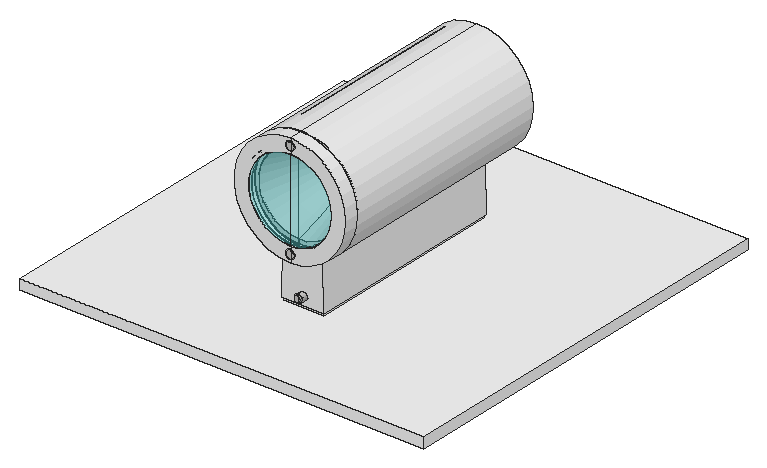
Revit family "BE_66655_de_DE", category Leuchten, Revit 2020
Family settings
  Basisbauteil = Fläche
  Bemaßung runder Anschluss = Durchmesser verwenden
  Teiletyp = Normal
  Beim Laden mit Abzugskörper schneiden = Ja
  Lichtquelle = Ja
  Gemeinsam genutzt = Nein
  Raumberechnungspunkt = Ja
Parameters (values of type "BEGA_66655_Weiß_K4")
  built-in parameter 1150104 = 13.935 (stored number, unit not read)
  Wattage = 7.9 W
  Default Elevation = 0 mm
  built-in parameter 1150113 = 1 (stored number, unit not read)
  built-in parameter 1114218 = 1 (stored number, unit not read)
  Umgebungstemperatur = "25 °C"
  URL = "https://www.bega.com/de/produkt/66655"
  Typenkommentare = "© 2022 BEGA. Wir behalten uns das Recht vor, technische Änderungen ohne vorherige Ankündigung vorzunehmen."  # constant formula
  Type Image = 66655.png
  built-in parameter 1150134 = 12
  built-in parameter 1150109 = 1 (stored number, unit not read)
  Strom = ""
  built-in parameter 1150110 = 1 (stored number, unit not read)
  Spannung = 239.996 V
  Sonderanfertigung = no
  Seriennummer [instance] = "Hier können Sie die eindeutige Seriennummer für das Facility Management eintragen."
  Schutzklasse = "I"
  Schutzart = "IP 65"
  Scheinlast = 0 VA
  Produktdatenblatt = "https://cdn.bega.com/bega/products/66655K4/current/documents/data-sheets/de"
  Oberflächentemperatur = ""
  Neigungswinkel = 0.00°
  Modell = "66655WK4"
  Material_17 = BEGA_Reflektor
  Material_15 = BEGA_Leuchtmedium_matt
  Material_11 = BEGA_Glas_opal
  Material_09 = BEGA_Glas_klar
  Material_06 = BEGA_Oberfläche_Edelstahl_gebürstet
  Material_03 = BEGA_Oberfläche_Weiss_matt
  Material_02 = BEGA_Oberfläche_Silber_matt
  Material_01 [instance] = BEGA_Oberfläche_Grafit_matt
  M_W = yes
  M_G = no
  M_A = no
  Logo = 0
  built-in parameter 1114217 = 1 (stored number, unit not read)
  built-in parameter 1150139 = (empty or 0)
  built-in parameter 1150105 = 94.299 (stored number, unit not read)
  built-in parameter 1150114 = 1 (stored number, unit not read)
  Lumens = 1185 lm
  built-in parameter 1150115 = 1 (stored number, unit not read)
  Leuchtenlichtstrom = "813 lm"
  Leuchtenanzahl = ""
  Lebensdauerkriterien = "L70B50 @ 25 °C = 200000 h"
  Lastklassifizierung = Beleuchtung
  built-in parameter 1150112 = 1 (stored number, unit not read)
  Lampenlichtstrom = "1185 lm"
  Lampe = "LED 7.9 W"
  LED_Modulbezeichnung = "LED-0733/840"
  built-in parameter 1150142 = (empty or 0)
  Hersteller = "BEGA"  # constant formula
  Halbstreuwinkel = ""
  Gewicht = "1.95 kg"
  Gebrauchslageneinschränkung [instance] = ""
  Frequenz = "0/50-60 Hz"
  Farbwiedergabeindex = "CRI > 80"
  Farbtemperaturverschiebung bei Dämpfen der Lampe = <Keine Auswahl>
  Farbtemperatur = "4000 K"
  Color Filter = 16777215
  built-in parameter 1150133 = 10 (stored number, unit not read)
  Energieeffizienzklasse = "LED A++ - A"
  built-in parameter 1150137 = (empty or 0)
  built-in parameter 1150132 = (empty or 0)
  ENEC = "ja"
  Dimmbar [instance] = "DALI"
  Datei für fotometrisches Netz = "BE_66655K4.IES"
  CE_Konformität = "ja"
  Bestellnummer = "66655WK4"
  Beschreibung_Sonderanfertigung = "Hier können Sie Informationen zur Sonderanfertigung eintragen."
  Beschreibung = "Wandleuchte"
  built-in parameter 1150106 = 0.94299 (stored number, unit not read)
  Befestigungsbohrung = "Ø 4,3 mm"
  Befestigungsabstand = "160 x 14 mm"
  Ballwurfsicher = ""
  BEGA_Intern_aus = yes
  BEGA_Intern_an = yes
  BEGA_Intern_Konstruktion = yes
  BEGA_Intern = yes
  BEGA_IES = yes
  BEGA_Dummy = no
  Anschlussleitung = ""
  Anschlussleistung [instance] = "10 W"
  Anschlusskasten = ""
  built-in parameter 1150107 = 4000 (stored number, unit not read)
  built-in parameter 1150102 = (empty or 0)
  built-in parameter 1150138 = (empty or 0)
  Aktualisierung = "2022-05-19T04:00:07"
  Abstand_zur_angestrahlten_Fläche [instance] = ""
  AC/DC = "AC/DC"
Types (6, lengths in mm): name | built-in parameter 1150104 | built-in parameter 1150134 | Modell | M_W | M_G | M_A | built-in parameter 1150105 | Lumens | Leuchtenlichtstrom | Lampenlichtstrom | LED_Modulbezeichnung | Farbtemperatur | Datei für fotometrisches Netz | Bestellnummer | built-in parameter 1150106 | built-in parameter 1150107
  BEGA_66655_Weiß_K4 | 13.935 (stored number, unit not read) | 12 | "66655WK4" | yes | no | no | 94.299 (stored number, unit not read) | 1185 lm | "813 lm" | "1185 lm" | "LED-0733/840" | "4000 K" | "BE_66655K4.IES" | "66655WK4" | 0.94299 (stored number, unit not read) | 4000 (stored number, unit not read)
  BEGA_66655_Grafit_K4 | 13.935 (stored number, unit not read) | 12 | "66655K4" | no | yes | no | 94.299 (stored number, unit not read) | 1185 lm | "813 lm" | "1185 lm" | "LED-0733/840" | "4000 K" | "BE_66655K4.IES" | "66655K4" | 0.94299 (stored number, unit not read) | 4000 (stored number, unit not read)
  BEGA_66655_Silber_K4 | 13.935 (stored number, unit not read) | 12 | "66655AK4" | no | no | yes | 94.299 (stored number, unit not read) | 1185 lm | "813 lm" | "1185 lm" | "LED-0733/840" | "4000 K" | "BE_66655K4.IES" | "66655AK4" | 0.94299 (stored number, unit not read) | 4000 (stored number, unit not read)
  BEGA_66655_Silber_K3 | 13.229 (stored number, unit not read) | (empty or 0) | "66655AK3" | no | no | yes | 89.521 (stored number, unit not read) | 1124.96 lm | "772 lm" | "1125 lm" | "LED-0733/830" | "3000 K" | "BE_66655K3.IES" | "66655AK3" | 0.89521 (stored number, unit not read) | 3000 (stored number, unit not read)
  BEGA_66655_Weiß_K3 | 13.229 (stored number, unit not read) | (empty or 0) | "66655WK3" | yes | no | no | 89.521 (stored number, unit not read) | 1124.96 lm | "772 lm" | "1125 lm" | "LED-0733/830" | "3000 K" | "BE_66655K3.IES" | "66655WK3" | 0.89521 (stored number, unit not read) | 3000 (stored number, unit not read)
  BEGA_66655_Grafit_K3 | 13.229 (stored number, unit not read) | (empty or 0) | "66655K3" | no | yes | no | 89.521 (stored number, unit not read) | 1124.96 lm | "772 lm" | "1125 lm" | "LED-0733/830" | "3000 K" | "BE_66655K3.IES" | "66655K3" | 0.89521 (stored number, unit not read) | 3000 (stored number, unit not read)
Reference planes
  plane 1 "Mitte (Vorne/Hinten)": y = 0
  plane 2: z = 0
  plane 3 "Mitte (Links/Rechts)": x = 0
  plane 4 "Links": x = -55.254
  plane 5 "Rechts": x = 55.254
  plane 6 "Unten": y = -115.5
  plane 7 "Oben": y = 115.5
  plane 8 "Vorne": z = 157.75
  plane 9 "Hinten": z = 0
Forms (mm)
  Extrusion 1, solid, material "BEGA_Platte_Weiss"
    sketch origin (0, -1119.2, 0) x (1, 0, 0) y (0, 1, 0)
      loop
        line (-200, 1319.2) -> (-200, 919.2) -> (200, 919.2) -> (200, 1319.2) -> (-200, 1319.2)
    from 0 to -10
  Extrusion 2, solid, material "BEGA_Dummy_matt", visible <- "BEGA_Dummy"
    sketch origin (80.095, -76.023, 0) x (1, 0, 0) y (0, 1, 0)
      loop
        line (-135.35, 191.523) -> (-135.35, -39.477) -> (-24.841, -39.477) -> (-24.841, 191.523) -> (-135.35, 191.523)
    from 0 to 157.75
Dimensions and locks
  plane 1 "Mitte (Vorne/Hinten)" to Extrusion 1 = 200 mm
  aligned and locked: plane 2 to Extrusion 1
  aligned and locked: level to Extrusion 1
Nested families
  nested 1: "BE_66655" at (0, 0, 0) x (0, 1, 0) z (0, 0, 1), type "BE_66655"
Connectors
  electrical at (0, 0, 0), driven by "Lastklassifizierung", driven by "Spannung", driven by "Scheinlast"
    settings: index 1, voltage 239.996 V, apparent load 0 VA, apparent load phase1 0 VA, apparent load phase2 0 VA, apparent load phase3 0 VA, power factor 1, load classification "Beleuchtung", number of poles 1, system type 31, power factor state 1, is connector primary yes, connector utility no, sub classification motor no, connector description ""
Definition of nested family "BE_66655"
  Parameters (values of type "BE_66655")
    Default Elevation = 1 mm
    URL = "http://www.bega.de/de/produkt"
    Type Comments = "© 2015 BEGA. Wir behalten uns das Recht vor, technische Änderungen ohne vorherige Ankündigung vorzunehmen. "  # constant formula
    Type Image = (empty or 0)
    Material_17 = none
    Material_15 = none
    Material_11 = none
    Material_09 = none
    Material_06 = none
    Material_03 = none
    Material_02 = none
    Material_01 = none
    M_W = yes
    M_G = yes
    M_A = yes
    Länge_Platte = 300 mm  # constant formula
    Höhe_Platte = -10 mm  # constant formula
    Manufacturer = "BEGA"  # constant formula
    Breite_Platte = 200 mm  # constant formula
  Reference planes
    plane 1 "Mitte (Oben/Unten)": y = 0
    plane 2: z = 0
    plane 3 "Mitte (Links/Rechts)": x = 0
    plane 4 "Unten": y = -55.254
    plane 5: x = -115.5
    plane 6: x = 115.5
    plane 7: z = 157.75
    plane 8: y = 55.254
  Forms (mm)
    Extrusion 1, solid, detail levels medium
      sketch origin (0, 0, 0) x (1, 0, 0) y (0, 1, 0)
        loop
          line (-150, 100) -> (-150, -100) -> (150, -100) -> (150, 100) -> (-150, 100)
      from 0 to -10 <- "Höhe_Platte"
    Extrusion 2, solid, material <- "Material_01", visible <- "M_G", detail levels medium+fine
      sketch origin (0, 0, 0) x (0, 1, 0) y (0, 0, 1)
        loop
          line (-20, 48.5) -> (-20.803, 2.5) -> (-13.08, 2.5) -> (-13.221, 47.282)
          arc (-13.221, 47.282) -> (-15.2, 48.652) -> (-17.039, 50.206) r 25
          arc (-17.039, 50.206) -> (-17.509, 50.362) -> (-17.979, 50.521) r 55
          line (-17.979, 50.521) -> (-20, 48.5)
        loop
          line (20, 48.5) -> (17.979, 50.521)
          arc (17.979, 50.521) -> (17.509, 50.362) -> (17.039, 50.206) r 55
          arc (17.039, 50.206) -> (15.2, 48.652) -> (13.221, 47.282) r 25
          line (13.221, 47.282) -> (13.08, 2.5) -> (20.803, 2.5) -> (20, 48.5)
      from -100.001 to 100.024
    Extrusion 3, solid, material <- "Material_01", visible <- "M_G", detail levels medium+fine
      sketch origin (0, 0, 0) x (0, 1, 0) y (0, 0, 1)
        loop
          line (20.803, 2.5) -> (20, 48.5) -> (17.979, 50.521)
          arc (17.979, 50.521) -> (17.509, 50.362) -> (17.039, 50.206) r 55
          arc (17.039, 50.206) -> (9.34, 45.31) -> (0.397, 43.503) r 25
          arc (0.397, 43.503) -> (-8.971, 45.165) -> (-17.039, 50.206) r 25
          arc (-17.039, 50.206) -> (-17.509, 50.362) -> (-17.979, 50.521) r 55
          line (-17.979, 50.521) -> (-20, 48.5) -> (-20.803, 2.5) -> (20.803, 2.5)
      from 93.25 to 100.024
    Extrusion 4, solid, material <- "Material_01", visible <- "M_G", detail levels medium+fine
      sketch origin (0, 0, 0) x (0, 1, 0) y (0, 0, -1)
        loop
          line (20.803, -2.5) -> (-20.803, -2.5) -> (-20, -48.5) -> (-17.979, -50.521)
          arc (-17.979, -50.521) -> (-17.509, -50.362) -> (-17.039, -50.206) r 55
          arc (-17.039, -50.206) -> (-8.971, -45.165) -> (0.397, -43.503) r 25
          arc (0.397, -43.503) -> (9.34, -45.31) -> (17.039, -50.206) r 25
          arc (17.039, -50.206) -> (17.509, -50.362) -> (17.979, -50.521) r 55
          line (17.979, -50.521) -> (20, -48.5) -> (20.803, -2.5)
      from 93.25 to 100.001
    Sweep 5, solid, material <- "Material_01", visible <- "M_G", detail levels medium+fine
      path origin (0, 0, 0) x (1, 0, 0) y (0, 1, 0)
        loop
          line (100.024, -20.803) -> (100.024, 20.803) -> (-100.001, 20.803) -> (-100.001, -20.803) -> (100.024, -20.803)
      profile origin (100.024, 0, 0) x (-1, 0, 0) y (0, 0, 1)
        loop
          line (1.112, 2.5) -> (1.024, 0) -> (7.769, 0)
          arc (7.769, 0) -> (8.117, 5.75) -> (8.45, 11.5) r 2295.912
          line (8.45, 11.5) -> (12.295, 11.5) -> (12.295, 13.5) -> (6.407, 13.5) -> (6.022, 2.5) -> (1.112, 2.5)
    Extrusion 6, solid, material <- "Material_01", visible <- "M_G", detail levels medium+fine
      sketch origin (0, 0, 0) x (1, 0, 0) y (0, 1, 0)
        loop
          line (-87.706, 8.508) -> (-87.706, -8.508) -> (87.729, -8.508) -> (87.729, 8.508) -> (-87.706, 8.508)
      from 11.5 to 13.5
    Revolve 7, solid, material <- "Material_01", visible <- "M_G", detail levels medium+fine
      sketch origin (0, 0, 0) x (1, 0, 0) y (0, 0, 1)
        loop
          line (115.5, 157.5) -> (-101, 157.5) -> (-101, 155.25) -> (-104.543, 155.25) -> (-104.543, 142.724) -> (-101, 142.724) -> (-101, 145.035) -> (-92, 145.035) -> (-82.035, 155) -> (113.5, 155) -> (113.5, 102.5) -> (115.5, 102.5) -> (115.5, 157.5)
        axis (-104.543, 102.5) -> (115.5, 102.5)
      angle from 0 to 360
    Revolve 8, solid, material <- "Material_01", visible <- "M_G", detail levels medium+fine
      sketch origin (0, 0, 0) x (1, 0, 0) y (0, 0, 1)
        loop
          line (-102.5, 157.75) -> (-115.5, 157.75) -> (-115.5, 143.5) -> (-112.937, 143.5) -> (-112.937, 147.501) -> (-104.543, 147.501) -> (-104.543, 155.75) -> (-102.5, 155.75) -> (-102.5, 157.75)
        axis (-102.5, 102.5) -> (-115.5, 102.5)
      angle from 0 to 360
    Revolve 9, solid, material <- "Material_09", detail levels medium+fine
      sketch origin (0, 0, 0) x (1, 0, 0) y (0, 0, 1)
        loop
          line (-105.5, 145.75) -> (-111.25, 145.75) -> (-111.25, 144.2)
          arc (-111.25, 144.2) -> (-111.543, 143.493) -> (-112.25, 143.2) r 1
          line (-112.25, 143.2) -> (-115.5, 143.2) -> (-115.5, 102.5) -> (-105.5, 102.5) -> (-105.5, 145.75)
        axis (-115.5, 102.5) -> (-105.5, 102.5)
      angle from 0 to 360
    Revolve 10, solid, material <- "Material_17", detail levels medium+fine
      sketch origin (0, 0, 0) x (1, 0, 0) y (0, 0, 1)
        loop
          arc (-105.25, 141.49) -> (-79.924, 133.541) -> (-55.596, 122.92) r 246.943
          arc (-55.596, 122.92) -> (-50.393, 119.996) -> (-45.484, 116.601) r 64.148
          line (-45.484, 116.601) -> (-44.906, 110) -> (-44.022, 110) -> (-44.623, 116.869)
          arc (-44.623, 116.869) -> (-49.595, 120.322) -> (-54.871, 123.292) r 64.148
          arc (-54.871, 123.292) -> (-79.017, 133.845) -> (-104.149, 141.765) r 246.943
          line (-104.149, 141.765) -> (-104.149, 145.25) -> (-105.25, 145.25) -> (-105.25, 141.49)
        axis (-44.022, 102.5) -> (-105.25, 102.5)
      angle from 0 to 360
    Revolve 11, solid, material <- "Material_15", detail levels medium+fine
      sketch origin (0, 0, 0) x (1, 0, 0) y (0, 0, 1)
        loop
          line (-41.65, 109.6) -> (-41.65, 102.5) -> (-40.358, 102.5) -> (-40.358, 109.6) -> (-41.65, 109.6)
        axis (-41.65, 102.5) -> (-40.358, 102.5)
      angle from 0 to 360
    Revolve 12, solid, material <- "Material_06", detail levels fine
      sketch origin (0, 0, 0) x (1, 0, 0) y (0, 0, 1)
        loop
          line (-98.664, 14.95) -> (-105.231, 14.95) -> (-105.231, 14) -> (-106.731, 14) -> (-106.731, 11) -> (-98.664, 11) -> (-98.664, 14.95)
        axis (-106.731, 11) -> (-98.664, 11)
      angle from 0 to 360
    Sweep 13, solid, material <- "Material_02", visible <- "M_A", detail levels medium+fine
      path origin (0, 0, 0) x (1, 0, 0) y (0, 1, 0)
        loop
          line (100.024, -20.803) -> (100.024, 20.803) -> (-100.001, 20.803) -> (-100.001, -20.803) -> (100.024, -20.803)
      profile origin (100.024, 0, 0) x (-1, 0, 0) y (0, 0, 1)
        loop
          line (1.112, 2.5) -> (1.024, 0) -> (7.769, 0)
          arc (7.769, 0) -> (8.117, 5.75) -> (8.45, 11.5) r 2295.912
          line (8.45, 11.5) -> (12.295, 11.5) -> (12.295, 13.5) -> (6.407, 13.5) -> (6.022, 2.5) -> (1.112, 2.5)
    Extrusion 14, solid, material <- "Material_02", visible <- "M_A", detail levels medium+fine
      sketch origin (0, 0, 0) x (1, 0, 0) y (0, 1, 0)
        loop
          line (-87.706, 8.508) -> (-87.706, -8.508) -> (87.729, -8.508) -> (87.729, 8.508) -> (-87.706, 8.508)
      from 11.5 to 13.5
    Sweep 15, solid, material <- "Material_03", visible <- "M_W", detail levels medium+fine
      path origin (0, 0, 0) x (1, 0, 0) y (0, 1, 0)
        loop
          line (100.024, -20.803) -> (100.024, 20.803) -> (-100.001, 20.803) -> (-100.001, -20.803) -> (100.024, -20.803)
      profile origin (100.024, 0, 0) x (-1, 0, 0) y (0, 0, 1)
        loop
          line (1.112, 2.5) -> (1.024, 0) -> (7.769, 0)
          arc (7.769, 0) -> (8.117, 5.75) -> (8.45, 11.5) r 2295.912
          line (8.45, 11.5) -> (12.295, 11.5) -> (12.295, 13.5) -> (6.407, 13.5) -> (6.022, 2.5) -> (1.112, 2.5)
    Extrusion 16, solid, material <- "Material_03", visible <- "M_W", detail levels medium+fine
      sketch origin (0, 0, 0) x (1, 0, 0) y (0, 1, 0)
        loop
          line (-87.706, 8.508) -> (-87.706, -8.508) -> (87.729, -8.508) -> (87.729, 8.508) -> (-87.706, 8.508)
      from 11.5 to 13.5
    Extrusion 17, solid, material <- "Material_02", visible <- "M_A", detail levels medium+fine
      sketch origin (0, 0, 0) x (0, 1, 0) y (0, 0, 1)
        loop
          line (-20, 48.5) -> (-20.803, 2.5) -> (-13.08, 2.5) -> (-13.221, 47.282)
          arc (-13.221, 47.282) -> (-15.2, 48.652) -> (-17.039, 50.206) r 25
          arc (-17.039, 50.206) -> (-17.509, 50.362) -> (-17.979, 50.521) r 55
          line (-17.979, 50.521) -> (-20, 48.5)
        loop
          line (20, 48.5) -> (17.979, 50.521)
          arc (17.979, 50.521) -> (17.509, 50.362) -> (17.039, 50.206) r 55
          arc (17.039, 50.206) -> (15.2, 48.652) -> (13.221, 47.282) r 25
          line (13.221, 47.282) -> (13.08, 2.5) -> (20.803, 2.5) -> (20, 48.5)
      from -100.001 to 100.024
    Extrusion 18, solid, material <- "Material_02", visible <- "M_A", detail levels medium+fine
      sketch origin (0, 0, 0) x (0, 1, 0) y (0, 0, 1)
        loop
          line (20.803, 2.5) -> (20, 48.5) -> (17.979, 50.521)
          arc (17.979, 50.521) -> (17.509, 50.362) -> (17.039, 50.206) r 55
          arc (17.039, 50.206) -> (9.34, 45.31) -> (0.397, 43.503) r 25
          arc (0.397, 43.503) -> (-8.971, 45.165) -> (-17.039, 50.206) r 25
          arc (-17.039, 50.206) -> (-17.509, 50.362) -> (-17.979, 50.521) r 55
          line (-17.979, 50.521) -> (-20, 48.5) -> (-20.803, 2.5) -> (20.803, 2.5)
      from 93.25 to 100.024
    Extrusion 19, solid, material <- "Material_02", visible <- "M_A", detail levels medium+fine
      sketch origin (0, 0, 0) x (0, 1, 0) y (0, 0, -1)
        loop
          line (20.803, -2.5) -> (-20.803, -2.5) -> (-20, -48.5) -> (-17.979, -50.521)
          arc (-17.979, -50.521) -> (-17.509, -50.362) -> (-17.039, -50.206) r 55
          arc (-17.039, -50.206) -> (-8.971, -45.165) -> (0.397, -43.503) r 25
          arc (0.397, -43.503) -> (9.34, -45.31) -> (17.039, -50.206) r 25
          arc (17.039, -50.206) -> (17.509, -50.362) -> (17.979, -50.521) r 55
          line (17.979, -50.521) -> (20, -48.5) -> (20.803, -2.5)
      from 93.25 to 100.001
    Extrusion 20, solid, material <- "Material_03", visible <- "M_W", detail levels medium+fine
      sketch origin (0, 0, 0) x (0, 1, 0) y (0, 0, 1)
        loop
          line (-20, 48.5) -> (-20.803, 2.5) -> (-13.08, 2.5) -> (-13.221, 47.282)
          arc (-13.221, 47.282) -> (-15.2, 48.652) -> (-17.039, 50.206) r 25
          arc (-17.039, 50.206) -> (-17.509, 50.362) -> (-17.979, 50.521) r 55
          line (-17.979, 50.521) -> (-20, 48.5)
        loop
          line (20, 48.5) -> (17.979, 50.521)
          arc (17.979, 50.521) -> (17.509, 50.362) -> (17.039, 50.206) r 55
          arc (17.039, 50.206) -> (15.2, 48.652) -> (13.221, 47.282) r 25
          line (13.221, 47.282) -> (13.08, 2.5) -> (20.803, 2.5) -> (20, 48.5)
      from -100.001 to 100.024
    Extrusion 21, solid, material <- "Material_03", visible <- "M_W", detail levels medium+fine
      sketch origin (0, 0, 0) x (0, 1, 0) y (0, 0, 1)
        loop
          line (20.803, 2.5) -> (20, 48.5) -> (17.979, 50.521)
          arc (17.979, 50.521) -> (17.509, 50.362) -> (17.039, 50.206) r 55
          arc (17.039, 50.206) -> (9.34, 45.31) -> (0.397, 43.503) r 25
          arc (0.397, 43.503) -> (-8.971, 45.165) -> (-17.039, 50.206) r 25
          arc (-17.039, 50.206) -> (-17.509, 50.362) -> (-17.979, 50.521) r 55
          line (-17.979, 50.521) -> (-20, 48.5) -> (-20.803, 2.5) -> (20.803, 2.5)
      from 93.25 to 100.024
    Extrusion 22, solid, material <- "Material_03", visible <- "M_W", detail levels medium+fine
      sketch origin (0, 0, 0) x (0, 1, 0) y (0, 0, -1)
        loop
          line (20.803, -2.5) -> (-20.803, -2.5) -> (-20, -48.5) -> (-17.979, -50.521)
          arc (-17.979, -50.521) -> (-17.509, -50.362) -> (-17.039, -50.206) r 55
          arc (-17.039, -50.206) -> (-8.971, -45.165) -> (0.397, -43.503) r 25
          arc (0.397, -43.503) -> (9.34, -45.31) -> (17.039, -50.206) r 25
          arc (17.039, -50.206) -> (17.509, -50.362) -> (17.979, -50.521) r 55
          line (17.979, -50.521) -> (20, -48.5) -> (20.803, -2.5)
      from 93.25 to 100.001
    Revolve 23, solid, material <- "Material_02", visible <- "M_A", detail levels medium+fine
      sketch origin (0, 0, 0) x (1, 0, 0) y (0, 0, 1)
        loop
          line (115.5, 157.5) -> (-101, 157.5) -> (-101, 155.25) -> (-104.543, 155.25) -> (-104.543, 142.724) -> (-101, 142.724) -> (-101, 145.035) -> (-92, 145.035) -> (-82.035, 155) -> (113.5, 155) -> (113.5, 102.5) -> (115.5, 102.5) -> (115.5, 157.5)
        axis (-104.543, 102.5) -> (115.5, 102.5)
      angle from 0 to 360
    Revolve 24, solid, material <- "Material_02", visible <- "M_A", detail levels medium+fine
      sketch origin (0, 0, 0) x (1, 0, 0) y (0, 0, 1)
        loop
          line (-102.5, 157.75) -> (-115.5, 157.75) -> (-115.5, 143.5) -> (-112.937, 143.5) -> (-112.937, 147.501) -> (-104.543, 147.501) -> (-104.543, 155.75) -> (-102.5, 155.75) -> (-102.5, 157.75)
        axis (-102.5, 102.5) -> (-115.5, 102.5)
      angle from 0 to 360
    Revolve 25, solid, material <- "Material_03", visible <- "M_W", detail levels medium+fine
      sketch origin (0, 0, 0) x (1, 0, 0) y (0, 0, 1)
        loop
          line (115.5, 157.5) -> (-101, 157.5) -> (-101, 155.25) -> (-104.543, 155.25) -> (-104.543, 142.724) -> (-101, 142.724) -> (-101, 145.035) -> (-92, 145.035) -> (-82.035, 155) -> (113.5, 155) -> (113.5, 102.5) -> (115.5, 102.5) -> (115.5, 157.5)
        axis (-104.543, 102.5) -> (115.5, 102.5)
      angle from 0 to 360
    Revolve 26, solid, material <- "Material_03", visible <- "M_W", detail levels medium+fine
      sketch origin (0, 0, 0) x (1, 0, 0) y (0, 0, 1)
        loop
          line (-102.5, 157.75) -> (-115.5, 157.75) -> (-115.5, 143.5) -> (-112.937, 143.5) -> (-112.937, 147.501) -> (-104.543, 147.501) -> (-104.543, 155.75) -> (-102.5, 155.75) -> (-102.5, 157.75)
        axis (-102.5, 102.5) -> (-115.5, 102.5)
      angle from 0 to 360
    Revolve 27, void
      sketch origin (0, 0, 0) x (1, 0, 0) y (0, 0, 1)
        loop
          line (-113.129, 152.704) -> (-115.728, 155.303) -> (-115.728, 150.5) -> (-113.129, 150.5) -> (-113.129, 152.704)
        axis (-115.728, 150.5) -> (-113.129, 150.5)
      angle from 0 to 360
    Revolve 28, void
      sketch origin (0, 0, 205) x (1, 0, 0) y (0, 0, -1)
        loop
          line (-113.129, 152.704) -> (-115.728, 155.303) -> (-115.728, 150.5) -> (-113.129, 150.5) -> (-113.129, 152.704)
        axis (-115.728, 150.5) -> (-113.129, 150.5)
      angle from 0 to 360
    Revolve 29, solid, material <- "Material_06", detail levels fine
      sketch origin (0, 0, 0) x (1, 0, 0) y (0, 0, 1)
        loop
          line (-115.5, 154.505) -> (-115.5, 150.5) -> (-114.643, 150.5) -> (-114.643, 154.505) -> (-115.5, 154.505)
        axis (-115.5, 150.5) -> (-114.5, 150.5)
      angle from 0 to 360
    Revolve 30, solid, material <- "Material_06", detail levels fine
      sketch origin (0, 0, 205) x (1, 0, 0) y (0, 0, -1)
        loop
          line (-115.5, 154.505) -> (-115.5, 150.5) -> (-114.643, 150.5) -> (-114.643, 154.505) -> (-115.5, 154.505)
        axis (-115.5, 150.5) -> (-114.5, 150.5)
      angle from 0 to 360
    Extrusion 31, void
      sketch origin (0, 0, 0) x (1, 0, 0) y (0, 1, 0)
        loop
          circle (-80, 7) r 2.65
        loop
          circle (80, -7) r 2.65
        loop
          circle (24, 0) r 8.5
        loop
          circle (57, 0) r 8.5
      from 0 to 17
  Cuts and joins
    joined: Extrusion 2, Extrusion 3, Extrusion 4
    Extrusion 31 cuts Sweep 5
    Extrusion 31 cuts Extrusion 6
    joined: Sweep 5, Extrusion 6
    Extrusion 31 cuts Sweep 13
    Extrusion 31 cuts Extrusion 14
    joined: Sweep 13, Extrusion 14
    Extrusion 31 cuts Sweep 15
    Extrusion 31 cuts Extrusion 16
    joined: Sweep 15, Extrusion 16
    joined: Extrusion 17, Extrusion 18, Extrusion 19
    joined: Extrusion 20, Extrusion 21, Extrusion 22
    Revolve 27, Revolve 28 cuts Revolve 8
    Revolve 27, Revolve 28 cuts Revolve 24
    Revolve 27, Revolve 28 cuts Revolve 26
    Extrusion 31 cuts Revolve 7
    Extrusion 31 cuts Revolve 10
    Extrusion 31 cuts Revolve 23
    Extrusion 31 cuts Revolve 25
  Dimensions and locks
    equal spacing: Extrusion 1 sketch curve, plane 3 "Mitte (Links/Rechts)", Extrusion 1 sketch curve
    equal spacing: Extrusion 1 sketch curve, plane 1 "Mitte (Oben/Unten)", Extrusion 1 sketch curve
    "Länge_Platte": Extrusion 1 sketch curve to Extrusion 1 sketch curve
    "Breite_Platte": Extrusion 1 sketch curve to Extrusion 1 sketch curve
    aligned and locked: Extrusion 1 to plane 2
    aligned and locked: level to Extrusion 1
  Automatic sketch dimensions
    Extrusion 2 sketch curve to Extrusion 2 sketch curve = 0 mm  (x5)
    Extrusion 2 sketch curve to plane 1 "Mitte (Oben/Unten)" = 0 mm  (x2)
    level to Extrusion 2 sketch curve = 2.5 mm  (x2)
    plane 1 "Mitte (Oben/Unten)" to Extrusion 2 sketch curve = 13.08 mm
    plane 1 "Mitte (Oben/Unten)" to Extrusion 2 sketch curve = 13.221 mm
    Extrusion 2 sketch curve to Extrusion 2 sketch curve = 4.758 mm  (x2)
    Extrusion 2 sketch curve to Extrusion 2 sketch curve = 2.021 mm  (x4)
    Extrusion 2 sketch curve to Extrusion 2 sketch curve = 7.723 mm  (x2)
    Extrusion 2 sketch curve to plane 1 "Mitte (Oben/Unten)" = 13.08 mm
    Extrusion 2 sketch curve to plane 1 "Mitte (Oben/Unten)" = 13.221 mm
    Extrusion 2 sketch curve to Extrusion 2 sketch curve = 44.782 mm
    Extrusion 2 sketch curve to Extrusion 2 sketch curve = 1.218 mm  (x2)
    Extrusion 2 sketch curve to Extrusion 2 sketch curve = 21.218 mm
    Extrusion 2 sketch curve to Extrusion 2 sketch curve = 34 mm
    Extrusion 3 sketch curve to Extrusion 3 sketch curve = 0 mm  (x5)
    Extrusion 3 sketch curve to plane 1 "Mitte (Oben/Unten)" = 0 mm  (x2)
    plane 1 "Mitte (Oben/Unten)" to Extrusion 3 sketch curve = 17.979 mm
    Extrusion 3 sketch curve to Extrusion 3 sketch curve = 2.021 mm  (x4)
    level to Extrusion 3 sketch curve = 2.5 mm
    plane 1 "Mitte (Oben/Unten)" to Extrusion 3 sketch curve = 20.803 mm
    Extrusion 3 sketch curve to plane 1 "Mitte (Oben/Unten)" = 17.979 mm
    Extrusion 3 sketch curve to plane 1 "Mitte (Oben/Unten)" = 20.803 mm
    Extrusion 3 sketch curve to Extrusion 3 sketch curve = 46 mm
    Extrusion 3 sketch curve to Extrusion 3 sketch curve = 17.979 mm
    Extrusion 3 sketch curve to Extrusion 3 sketch curve = 34 mm
    Extrusion 3 sketch curve to Extrusion 3 sketch curve = 0.94 mm
    Extrusion 3 sketch curve to plane 1 "Mitte (Oben/Unten)" = 0.397 mm
    Extrusion 4 sketch curve to Extrusion 4 sketch curve = 0 mm  (x5)
    Extrusion 4 sketch curve to plane 1 "Mitte (Oben/Unten)" = 0 mm  (x2)
    plane 1 "Mitte (Oben/Unten)" to Extrusion 4 sketch curve = 17.979 mm
    Extrusion 4 sketch curve to Extrusion 4 sketch curve = 2.021 mm  (x4)
    level to Extrusion 4 sketch curve = 2.5 mm
    plane 1 "Mitte (Oben/Unten)" to Extrusion 4 sketch curve = 20.803 mm
    Extrusion 4 sketch curve to plane 1 "Mitte (Oben/Unten)" = 17.979 mm
    Extrusion 4 sketch curve to plane 1 "Mitte (Oben/Unten)" = 20.803 mm
    Extrusion 4 sketch curve to Extrusion 4 sketch curve = 46 mm
    Extrusion 4 sketch curve to Extrusion 4 sketch curve = 17.979 mm
    Extrusion 4 sketch curve to Extrusion 4 sketch curve = 34 mm
    Extrusion 4 sketch curve to Extrusion 4 sketch curve = 0.94 mm
    Extrusion 4 sketch curve to plane 1 "Mitte (Oben/Unten)" = 0.397 mm
    Sweep 5 sketch curve to plane 1 "Mitte (Oben/Unten)" = 20.803 mm
    plane 1 "Mitte (Oben/Unten)" to Sweep 5 sketch curve = 20.803 mm
    Sweep 5 sketch curve to level = 0 mm
    level to Sweep 5 sketch curve = 141.39 mm
    profile plane to Sweep 5 sketch curve = 2283.785 mm
    Sweep 5 sketch curve to profile plane = 1.024 mm
    Sweep 5 sketch curve to profile plane = 1.112 mm
    level to Sweep 5 sketch curve = 2.5 mm
    Sweep 5 sketch curve to Sweep 5 sketch curve = 4.911 mm
    Sweep 5 sketch curve to profile plane = 6.407 mm
    Sweep 5 sketch curve to Sweep 5 sketch curve = 1.747 mm
    Sweep 5 sketch curve to Sweep 5 sketch curve = 2.043 mm
    Sweep 5 sketch curve to Sweep 5 sketch curve = 3.845 mm
    Sweep 5 sketch curve to Sweep 5 sketch curve = 2 mm
    plane 1 "Mitte (Oben/Unten)" to Extrusion 6 sketch curve = 8.508 mm
    Extrusion 6 sketch curve to plane 3 "Mitte (Links/Rechts)" = 87.706 mm
    plane 3 "Mitte (Links/Rechts)" to Extrusion 6 sketch curve = 87.729 mm
    Extrusion 6 sketch curve to plane 1 "Mitte (Oben/Unten)" = 8.508 mm
    Revolve 7 sketch curve to plane 3 "Mitte (Links/Rechts)" = 0 mm
    Revolve 7 sketch curve to plane 3 "Mitte (Links/Rechts)" = 82.035 mm
    Revolve 7 sketch curve to Revolve 7 sketch curve = 9.965 mm  (x2)
    Revolve 7 sketch curve to Revolve 7 sketch curve = 9 mm  (x2)
    Revolve 7 sketch curve to Revolve 7 sketch curve = 3.543 mm
    Revolve 7 sketch curve to Revolve 7 sketch curve = 2 mm
    Revolve 7 sketch curve to Revolve 7 sketch curve = 2.311 mm
    Revolve 7 sketch curve to Revolve 7 sketch curve = 10.215 mm
    Revolve 7 sketch curve to Revolve 7 sketch curve = 2.5 mm
    plane 3 "Mitte (Links/Rechts)" to Revolve 7 sketch curve = 30 mm
    Revolve 7 sketch curve to Revolve 7 sketch curve = 52.5 mm
    Revolve 8 sketch curve to Revolve 8 sketch curve = 2.563 mm
    Revolve 8 sketch curve to Revolve 8 sketch curve = 10.957 mm
    Revolve 8 sketch curve to Revolve 8 sketch curve = 2.043 mm
    Revolve 8 sketch curve to Revolve 8 sketch curve = 4.001 mm
    Revolve 8 sketch curve to Revolve 8 sketch curve = 8.249 mm
    Revolve 8 sketch curve to Revolve 8 sketch curve = 10.249 mm
    Revolve 8 sketch curve to Revolve 8 sketch curve = 1.576 mm
    Revolve 8 sketch curve to Revolve 8 sketch curve = 22.907 mm
    Revolve 8 sketch curve to Revolve 8 sketch curve = 41 mm
    Revolve 9 sketch curve to Revolve 9 sketch curve = 3.25 mm
    Revolve 9 sketch curve to Revolve 9 sketch curve = 1 mm
    Revolve 9 sketch curve to Revolve 9 sketch curve = 10 mm
    Revolve 9 sketch curve to Revolve 9 sketch curve = 40.7 mm
    Revolve 9 sketch curve to Revolve 9 sketch curve = 1.55 mm
    Revolve 9 sketch curve to Revolve 9 sketch curve = 0 mm  (x3)
    Revolve 10 sketch curve to Revolve 10 sketch curve = 0.725 mm  (x2)
    Revolve 10 sketch curve to Revolve 10 sketch curve = 1.101 mm
    Revolve 10 sketch curve to Revolve 10 sketch curve = 19.763 mm
    Revolve 10 sketch curve to plane 3 "Mitte (Links/Rechts)" = 45.484 mm
    Revolve 10 sketch curve to Revolve 10 sketch curve = 0.577 mm
    Revolve 10 sketch curve to Revolve 10 sketch curve = 0.861 mm
    Revolve 10 sketch curve to Revolve 10 sketch curve = 0.884 mm
    Revolve 10 sketch curve to Revolve 10 sketch curve = 0.371 mm  (x2)
    level to Revolve 10 sketch curve = 65.596 mm
    Revolve 10 sketch curve to Revolve 10 sketch curve = 44.033 mm
    Revolve 10 sketch curve to Revolve 10 sketch curve = 6.601 mm
    Revolve 10 sketch curve to Revolve 10 sketch curve = 0.268 mm
    Revolve 10 sketch curve to Revolve 10 sketch curve = 18.57 mm
    Revolve 10 sketch curve to Revolve 10 sketch curve = 0.275 mm
    Revolve 10 sketch curve to Revolve 10 sketch curve = 3.485 mm
    Revolve 10 sketch curve to Revolve 10 sketch curve = 13.637 mm
    Revolve 10 sketch curve to Revolve 10 sketch curve = 1.812 mm
    Revolve 10 sketch curve to Revolve 10 sketch curve = 38.99 mm
    Revolve 11 sketch curve to plane 3 "Mitte (Links/Rechts)" = 41.65 mm
    Revolve 11 sketch curve to Revolve 11 sketch curve = 1.292 mm
    Revolve 11 sketch curve to Revolve 11 sketch curve = 7.1 mm
    Revolve 11 sketch curve to Revolve 11 sketch curve = 0 mm  (x2)
    Revolve 11 sketch curve to Revolve 11 sketch curve = 0.882 mm
    level to Revolve 12 sketch curve = 14 mm
    Revolve 12 sketch curve to Revolve 12 sketch curve = 1.5 mm
    Revolve 12 sketch curve to Revolve 12 sketch curve = 6.567 mm
    Revolve 12 sketch curve to Revolve 12 sketch curve = 3 mm
    Revolve 12 sketch curve to Revolve 12 sketch curve = 0.95 mm
    Revolve 12 sketch curve to Revolve 12 sketch curve = 0 mm  (x3)
    Sweep 13 sketch curve to plane 1 "Mitte (Oben/Unten)" = 20.803 mm
    plane 1 "Mitte (Oben/Unten)" to Sweep 13 sketch curve = 20.803 mm
    Sweep 13 sketch curve to level = 0 mm
    level to Sweep 13 sketch curve = 141.39 mm
    profile plane to Sweep 13 sketch curve = 2283.785 mm
    Sweep 13 sketch curve to profile plane = 1.024 mm
    Sweep 13 sketch curve to profile plane = 1.112 mm
    level to Sweep 13 sketch curve = 2.5 mm
    Sweep 13 sketch curve to Sweep 13 sketch curve = 4.911 mm
    Sweep 13 sketch curve to profile plane = 6.407 mm
    Sweep 13 sketch curve to Sweep 13 sketch curve = 1.747 mm
    Sweep 13 sketch curve to Sweep 13 sketch curve = 2.043 mm
    Sweep 13 sketch curve to Sweep 13 sketch curve = 3.845 mm
    Sweep 13 sketch curve to Sweep 13 sketch curve = 2 mm
    plane 1 "Mitte (Oben/Unten)" to Extrusion 14 sketch curve = 8.508 mm
    Extrusion 14 sketch curve to plane 3 "Mitte (Links/Rechts)" = 87.706 mm
    plane 3 "Mitte (Links/Rechts)" to Extrusion 14 sketch curve = 87.729 mm
    Extrusion 14 sketch curve to plane 1 "Mitte (Oben/Unten)" = 8.508 mm
    Sweep 15 sketch curve to plane 1 "Mitte (Oben/Unten)" = 20.803 mm
    plane 1 "Mitte (Oben/Unten)" to Sweep 15 sketch curve = 20.803 mm
    Sweep 15 sketch curve to level = 0 mm
    level to Sweep 15 sketch curve = 141.39 mm
    profile plane to Sweep 15 sketch curve = 2283.785 mm
    Sweep 15 sketch curve to profile plane = 1.024 mm
    Sweep 15 sketch curve to profile plane = 1.112 mm
    level to Sweep 15 sketch curve = 2.5 mm
    Sweep 15 sketch curve to Sweep 15 sketch curve = 4.911 mm
    Sweep 15 sketch curve to profile plane = 6.407 mm
    Sweep 15 sketch curve to Sweep 15 sketch curve = 1.747 mm
    Sweep 15 sketch curve to Sweep 15 sketch curve = 2.043 mm
    Sweep 15 sketch curve to Sweep 15 sketch curve = 3.845 mm
    Sweep 15 sketch curve to Sweep 15 sketch curve = 2 mm
    plane 1 "Mitte (Oben/Unten)" to Extrusion 16 sketch curve = 8.508 mm
    Extrusion 16 sketch curve to plane 3 "Mitte (Links/Rechts)" = 87.706 mm
    plane 3 "Mitte (Links/Rechts)" to Extrusion 16 sketch curve = 87.729 mm
    Extrusion 16 sketch curve to plane 1 "Mitte (Oben/Unten)" = 8.508 mm
    Extrusion 17 sketch curve to Extrusion 17 sketch curve = 0 mm  (x5)
    Extrusion 17 sketch curve to plane 1 "Mitte (Oben/Unten)" = 0 mm  (x2)
    level to Extrusion 17 sketch curve = 2.5 mm  (x2)
    plane 1 "Mitte (Oben/Unten)" to Extrusion 17 sketch curve = 13.08 mm
    plane 1 "Mitte (Oben/Unten)" to Extrusion 17 sketch curve = 13.221 mm
    Extrusion 17 sketch curve to Extrusion 17 sketch curve = 4.758 mm  (x2)
    Extrusion 17 sketch curve to Extrusion 17 sketch curve = 2.021 mm  (x4)
    Extrusion 17 sketch curve to Extrusion 17 sketch curve = 7.723 mm  (x2)
    Extrusion 17 sketch curve to plane 1 "Mitte (Oben/Unten)" = 13.08 mm
    Extrusion 17 sketch curve to plane 1 "Mitte (Oben/Unten)" = 13.221 mm
    Extrusion 17 sketch curve to Extrusion 17 sketch curve = 44.782 mm
    Extrusion 17 sketch curve to Extrusion 17 sketch curve = 1.218 mm  (x2)
    Extrusion 17 sketch curve to Extrusion 17 sketch curve = 21.218 mm
    Extrusion 17 sketch curve to Extrusion 17 sketch curve = 34 mm
    Extrusion 18 sketch curve to Extrusion 18 sketch curve = 0 mm  (x5)
    Extrusion 18 sketch curve to plane 1 "Mitte (Oben/Unten)" = 0 mm  (x2)
    plane 1 "Mitte (Oben/Unten)" to Extrusion 18 sketch curve = 17.979 mm
    Extrusion 18 sketch curve to Extrusion 18 sketch curve = 2.021 mm  (x4)
    level to Extrusion 18 sketch curve = 2.5 mm
    plane 1 "Mitte (Oben/Unten)" to Extrusion 18 sketch curve = 20.803 mm
    Extrusion 18 sketch curve to plane 1 "Mitte (Oben/Unten)" = 17.979 mm
    Extrusion 18 sketch curve to plane 1 "Mitte (Oben/Unten)" = 20.803 mm
    Extrusion 18 sketch curve to Extrusion 18 sketch curve = 46 mm
    Extrusion 18 sketch curve to Extrusion 18 sketch curve = 17.979 mm
    Extrusion 18 sketch curve to Extrusion 18 sketch curve = 34 mm
    Extrusion 18 sketch curve to Extrusion 18 sketch curve = 0.94 mm
    Extrusion 18 sketch curve to plane 1 "Mitte (Oben/Unten)" = 0.397 mm
    Extrusion 19 sketch curve to Extrusion 19 sketch curve = 0 mm  (x5)
    Extrusion 19 sketch curve to plane 1 "Mitte (Oben/Unten)" = 0 mm  (x2)
    plane 1 "Mitte (Oben/Unten)" to Extrusion 19 sketch curve = 17.979 mm
    Extrusion 19 sketch curve to Extrusion 19 sketch curve = 2.021 mm  (x4)
    level to Extrusion 19 sketch curve = 2.5 mm
    plane 1 "Mitte (Oben/Unten)" to Extrusion 19 sketch curve = 20.803 mm
    Extrusion 19 sketch curve to plane 1 "Mitte (Oben/Unten)" = 17.979 mm
    Extrusion 19 sketch curve to plane 1 "Mitte (Oben/Unten)" = 20.803 mm
    Extrusion 19 sketch curve to Extrusion 19 sketch curve = 46 mm
    Extrusion 19 sketch curve to Extrusion 19 sketch curve = 17.979 mm
    Extrusion 19 sketch curve to Extrusion 19 sketch curve = 34 mm
    Extrusion 19 sketch curve to Extrusion 19 sketch curve = 0.94 mm
    Extrusion 19 sketch curve to plane 1 "Mitte (Oben/Unten)" = 0.397 mm
    Extrusion 20 sketch curve to Extrusion 20 sketch curve = 0 mm  (x5)
    Extrusion 20 sketch curve to plane 1 "Mitte (Oben/Unten)" = 0 mm  (x2)
    level to Extrusion 20 sketch curve = 2.5 mm  (x2)
    plane 1 "Mitte (Oben/Unten)" to Extrusion 20 sketch curve = 13.08 mm
    plane 1 "Mitte (Oben/Unten)" to Extrusion 20 sketch curve = 13.221 mm
    Extrusion 20 sketch curve to Extrusion 20 sketch curve = 4.758 mm  (x2)
    Extrusion 20 sketch curve to Extrusion 20 sketch curve = 2.021 mm  (x4)
    Extrusion 20 sketch curve to Extrusion 20 sketch curve = 7.723 mm  (x2)
    Extrusion 20 sketch curve to plane 1 "Mitte (Oben/Unten)" = 13.08 mm
    Extrusion 20 sketch curve to plane 1 "Mitte (Oben/Unten)" = 13.221 mm
    Extrusion 20 sketch curve to Extrusion 20 sketch curve = 44.782 mm
    Extrusion 20 sketch curve to Extrusion 20 sketch curve = 1.218 mm  (x2)
    Extrusion 20 sketch curve to Extrusion 20 sketch curve = 21.218 mm
    Extrusion 20 sketch curve to Extrusion 20 sketch curve = 34 mm
    Extrusion 21 sketch curve to Extrusion 21 sketch curve = 0 mm  (x5)
    Extrusion 21 sketch curve to plane 1 "Mitte (Oben/Unten)" = 0 mm  (x2)
    plane 1 "Mitte (Oben/Unten)" to Extrusion 21 sketch curve = 17.979 mm
    Extrusion 21 sketch curve to Extrusion 21 sketch curve = 2.021 mm  (x4)
    level to Extrusion 21 sketch curve = 2.5 mm
    plane 1 "Mitte (Oben/Unten)" to Extrusion 21 sketch curve = 20.803 mm
    Extrusion 21 sketch curve to plane 1 "Mitte (Oben/Unten)" = 17.979 mm
    Extrusion 21 sketch curve to plane 1 "Mitte (Oben/Unten)" = 20.803 mm
    Extrusion 21 sketch curve to Extrusion 21 sketch curve = 46 mm
    Extrusion 21 sketch curve to Extrusion 21 sketch curve = 17.979 mm
    Extrusion 21 sketch curve to Extrusion 21 sketch curve = 34 mm
    Extrusion 21 sketch curve to Extrusion 21 sketch curve = 0.94 mm
    Extrusion 21 sketch curve to plane 1 "Mitte (Oben/Unten)" = 0.397 mm
    Extrusion 22 sketch curve to Extrusion 22 sketch curve = 0 mm  (x5)
    Extrusion 22 sketch curve to plane 1 "Mitte (Oben/Unten)" = 0 mm  (x2)
    plane 1 "Mitte (Oben/Unten)" to Extrusion 22 sketch curve = 17.979 mm
    Extrusion 22 sketch curve to Extrusion 22 sketch curve = 2.021 mm  (x4)
    level to Extrusion 22 sketch curve = 2.5 mm
    plane 1 "Mitte (Oben/Unten)" to Extrusion 22 sketch curve = 20.803 mm
    Extrusion 22 sketch curve to plane 1 "Mitte (Oben/Unten)" = 17.979 mm
    Extrusion 22 sketch curve to plane 1 "Mitte (Oben/Unten)" = 20.803 mm
    Extrusion 22 sketch curve to Extrusion 22 sketch curve = 46 mm
    Extrusion 22 sketch curve to Extrusion 22 sketch curve = 17.979 mm
    Extrusion 22 sketch curve to Extrusion 22 sketch curve = 34 mm
    Extrusion 22 sketch curve to Extrusion 22 sketch curve = 0.94 mm
    Extrusion 22 sketch curve to plane 1 "Mitte (Oben/Unten)" = 0.397 mm
    Revolve 23 sketch curve to plane 3 "Mitte (Links/Rechts)" = 0 mm
    Revolve 23 sketch curve to plane 3 "Mitte (Links/Rechts)" = 82.035 mm
    Revolve 23 sketch curve to Revolve 23 sketch curve = 9.965 mm  (x2)
    Revolve 23 sketch curve to Revolve 23 sketch curve = 9 mm  (x2)
    Revolve 23 sketch curve to Revolve 23 sketch curve = 3.543 mm
    Revolve 23 sketch curve to Revolve 23 sketch curve = 2 mm
    Revolve 23 sketch curve to Revolve 23 sketch curve = 2.311 mm
    Revolve 23 sketch curve to Revolve 23 sketch curve = 10.215 mm
    Revolve 23 sketch curve to Revolve 23 sketch curve = 2.5 mm
    plane 3 "Mitte (Links/Rechts)" to Revolve 23 sketch curve = 30 mm
    Revolve 23 sketch curve to Revolve 23 sketch curve = 52.5 mm
    Revolve 24 sketch curve to Revolve 24 sketch curve = 2.563 mm
    Revolve 24 sketch curve to Revolve 24 sketch curve = 10.957 mm
    Revolve 24 sketch curve to Revolve 24 sketch curve = 2.043 mm
    Revolve 24 sketch curve to Revolve 24 sketch curve = 4.001 mm
    Revolve 24 sketch curve to Revolve 24 sketch curve = 8.249 mm
    Revolve 24 sketch curve to Revolve 24 sketch curve = 10.249 mm
    Revolve 24 sketch curve to Revolve 24 sketch curve = 1.576 mm
    Revolve 24 sketch curve to Revolve 24 sketch curve = 22.907 mm
    Revolve 24 sketch curve to Revolve 24 sketch curve = 41 mm
    Revolve 25 sketch curve to plane 3 "Mitte (Links/Rechts)" = 0 mm
    Revolve 25 sketch curve to plane 3 "Mitte (Links/Rechts)" = 82.035 mm
    Revolve 25 sketch curve to Revolve 25 sketch curve = 9.965 mm  (x2)
    Revolve 25 sketch curve to Revolve 25 sketch curve = 9 mm  (x2)
    Revolve 25 sketch curve to Revolve 25 sketch curve = 3.543 mm
    Revolve 25 sketch curve to Revolve 25 sketch curve = 2 mm
    Revolve 25 sketch curve to Revolve 25 sketch curve = 2.311 mm
    Revolve 25 sketch curve to Revolve 25 sketch curve = 10.215 mm
    Revolve 25 sketch curve to Revolve 25 sketch curve = 2.5 mm
    plane 3 "Mitte (Links/Rechts)" to Revolve 25 sketch curve = 30 mm
    Revolve 25 sketch curve to Revolve 25 sketch curve = 52.5 mm
    Revolve 26 sketch curve to Revolve 26 sketch curve = 2.563 mm
    Revolve 26 sketch curve to Revolve 26 sketch curve = 10.957 mm
    Revolve 26 sketch curve to Revolve 26 sketch curve = 2.043 mm
    Revolve 26 sketch curve to Revolve 26 sketch curve = 4.001 mm
    Revolve 26 sketch curve to Revolve 26 sketch curve = 8.249 mm
    Revolve 26 sketch curve to Revolve 26 sketch curve = 10.249 mm
    Revolve 26 sketch curve to Revolve 26 sketch curve = 1.576 mm
    Revolve 26 sketch curve to Revolve 26 sketch curve = 22.907 mm
    Revolve 26 sketch curve to Revolve 26 sketch curve = 41 mm
    Revolve 27 sketch curve to Revolve 27 sketch curve = 2.599 mm  (x2)
    Revolve 27 sketch curve to Revolve 27 sketch curve = 2.204 mm
    Revolve 27 sketch curve to Revolve 27 sketch curve = 0 mm  (x3)
    Revolve 28 sketch curve to Revolve 28 sketch curve = 2.599 mm  (x2)
    Revolve 28 sketch curve to level = 54.5 mm
    Revolve 28 sketch curve to Revolve 28 sketch curve = 2.204 mm
    Revolve 28 sketch curve to Revolve 28 sketch curve = 0 mm  (x3)
    Revolve 29 sketch curve to Revolve 29 sketch curve = 0.857 mm
    Revolve 29 sketch curve to Revolve 29 sketch curve = 4.005 mm
    Revolve 29 sketch curve to Revolve 29 sketch curve = 0.327 mm
    Revolve 29 sketch curve to Revolve 29 sketch curve = 1.064 mm
    Revolve 29 sketch curve to Revolve 29 sketch curve = 0 mm
    Revolve 30 sketch curve to Revolve 30 sketch curve = 0.857 mm
    Revolve 30 sketch curve to level = 54.5 mm
    Revolve 30 sketch curve to Revolve 30 sketch curve = 4.005 mm
    Revolve 30 sketch curve to Revolve 30 sketch curve = 0.327 mm
    Revolve 30 sketch curve to Revolve 30 sketch curve = 1.064 mm
    Revolve 30 sketch curve to Revolve 30 sketch curve = 0 mm
    plane 1 "Mitte (Oben/Unten)" to Extrusion 31 sketch curve = 0 mm  (x2)
    Extrusion 31 sketch curve to plane 1 "Mitte (Oben/Unten)" = 7 mm
    Extrusion 31 sketch curve to plane 3 "Mitte (Links/Rechts)" = 80 mm
    plane 3 "Mitte (Links/Rechts)" to Extrusion 31 sketch curve = 24 mm
    Extrusion 31 sketch curve to Extrusion 31 sketch curve = 33 mm
    plane 1 "Mitte (Oben/Unten)" to Extrusion 31 sketch curve = 7 mm
    Extrusion 31 sketch curve to Extrusion 31 sketch curve = 23 mm
    Sweep 5 sketch curve to plane 3 "Mitte (Links/Rechts)" = 100.001 mm
    Revolve 8 sketch curve to plane 3 "Mitte (Links/Rechts)" = 115.5 mm
    Revolve 9 sketch curve to plane 3 "Mitte (Links/Rechts)" = 115.5 mm
    Revolve 10 sketch curve to Revolve 10 sketch curve = 41.451 mm
    Revolve 10 sketch curve to plane 3 "Mitte (Links/Rechts)" = 165.699 mm
    Revolve 12 sketch curve to plane 3 "Mitte (Links/Rechts)" = 106.731 mm
    Sweep 13 sketch curve to plane 3 "Mitte (Links/Rechts)" = 100.001 mm
    Sweep 15 sketch curve to plane 3 "Mitte (Links/Rechts)" = 100.001 mm
    Revolve 24 sketch curve to plane 3 "Mitte (Links/Rechts)" = 115.5 mm
    Revolve 26 sketch curve to plane 3 "Mitte (Links/Rechts)" = 115.5 mm
    Revolve 27 sketch curve to plane 3 "Mitte (Links/Rechts)" = 115.728 mm
    plane 3 "Mitte (Links/Rechts)" to Revolve 28 sketch curve = 115.728 mm
    Revolve 29 sketch curve to plane 3 "Mitte (Links/Rechts)" = 115.5 mm
    plane 3 "Mitte (Links/Rechts)" to Revolve 30 sketch curve = 115.5 mm
    plane 3 "Mitte (Links/Rechts)" to Sweep 5 sketch curve = 100.024 mm
    Revolve 7 sketch curve to Revolve 7 sketch curve = 83.5 mm
    plane 3 "Mitte (Links/Rechts)" to Sweep 13 sketch curve = 100.024 mm
    plane 3 "Mitte (Links/Rechts)" to Sweep 15 sketch curve = 100.024 mm
    Revolve 23 sketch curve to Revolve 23 sketch curve = 83.5 mm
    Revolve 25 sketch curve to Revolve 25 sketch curve = 83.5 mm
    level to Revolve 7 sketch curve = 102.5 mm
    level to Revolve 7 sketch curve = 142.724 mm
    level to Revolve 8 sketch curve = 143.5 mm
    level to Revolve 9 sketch curve = 102.5 mm
    level to Revolve 11 sketch curve = 102.5 mm
    level to Revolve 23 sketch curve = 102.5 mm
    level to Revolve 23 sketch curve = 142.724 mm
    level to Revolve 24 sketch curve = 143.5 mm
    level to Revolve 25 sketch curve = 102.5 mm
    level to Revolve 25 sketch curve = 142.724 mm
    level to Revolve 26 sketch curve = 143.5 mm
    level to Revolve 27 sketch curve = 150.5 mm
    level to Revolve 29 sketch curve = 150.5 mm
    Revolve 10 sketch curve to level = 97.385 mm
    radius of Extrusion 31 sketch curve = 2.65 mm  (x2)
    radius of Extrusion 31 sketch curve = 8.5 mm  (x2)
